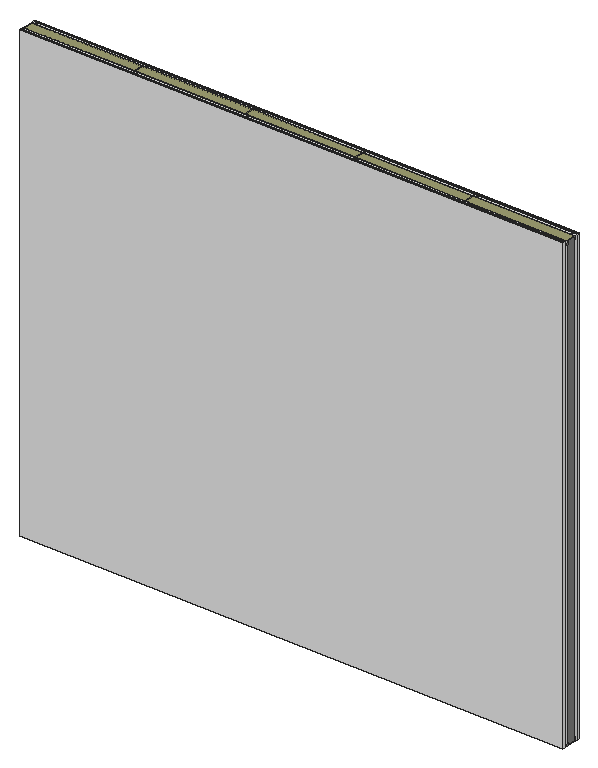
Revit family "Wall system Cementboard - Rigislab (STC 46_Uvalue 0.59)", category Structural Stiffeners, Revit 2020
Family settings
  OmniClass Number = 23.25.30.11.27
  OmniClass Title = Vibration and Earthquake Controls
  Cut with Voids When Loaded = No
  Shared = No
Parameters (values of type "STC 46(Cement board)")
  U-Value (W/m2k) = "0.59"
  U Value Report = ""
  Type of Insulation = "Glass Mineral Wool Semi-rigid slab"
  Total System Thickness-mm = 82 mm
  Thermal R Value = 1.4
  Thermal K Value = 0.348
  System Description = "1. Cementboard-9mm\r\n2. Ecowool Rigislab 50mm x 20kg/m3\r\n3. Stud 64mm \r\n4. Cementboard-9mm"
  Sustainability - Same documentation for all selection = ""
  SubW [instance] = roundup([built-in parameter 1001306] / 609 mm) * 609 mm  # 3045 mm
  SubL [instance] = if([built-in parameter 1001306] > 1218 mm, No Insulation * 609 mm, if([built-in parameter 1001306] > 609 mm, 609 mm, if([built-in parameter 1001306] > 0 mm, 0 mm, No Insulation * 609 mm))) + 1 mm  # 2437 mm
  STC in dB = 46
  STC Report = ""
  STC No = "46"
  Remarks = "Recommended for drywall partition applications where some acoustic performance\r\nare required. Such as office & commercial environment"
  No Metal Stud [instance] = ([built-in parameter 1001306] / [Metal Stud Spacer (mm)])  # 5
  No Insulation [instance] = roundup(SubW / 609 mm) - 1  # 4
  Metal Stud Width = 64 mm
  Metal Stud Spacer (mm) = 609 mm
  Material Specification = "Ecowool Brownie RigiSlab"
  Manufacturer = "PGF Insulation Sdn. Bhd."
  MSDS = ""
  built-in parameter 1001306 [instance] = 3000 mm
  Insulation Length (mm) = 609 mm
  Insulation Thickness (mm) = 55 mm
  Installation and Workmanship- Same for all the system = ""
  Height Wall (mm) = 2500 mm
  Handling and Storage- Same for all system = ""
  Gypsum Thickness (mm) = 9 mm
  Finish = BROWNIE RigiSlab
  FAQ- Same for all System = ""
  ECOWOOL Product thickness in mm = "50"
  Description = "Ecowool Rigislab is semi-rigid or rigid slabs of non-combustible, water repellent, glass mineral wool. They are designed to suit standard dry wall, ensuring a closed joint with adjacent slabs."
  Density = 20.00 kg/m³
  Board Material = Cement Board
  Board 2 = yes
  Board 1 = yes
  AutoCad Drawing = ""
Reference planes
  plane 1 "Center (Front/Back)": y = -12.5
  plane 2: z = 0
  plane 3 "Left": x = 0
  plane 4 "Right": x = 3000
  plane 5: z = 2500
  plane 6: x = 2437
  plane 7: x = 3046
Forms (mm)
  Extrusion 1, solid, material "BROWNIE RigiSlab" <- "Finish"
    sketch origin (0, 0, 0) x (1, 0, 0) y (0, 1, 0)
      loop
        line (2437, 15) -> (2437, -40) -> (3046, -40) -> (3046, 15) -> (2437, 15)
    from 0 to 2500
  Extrusion 2, void
    sketch origin (0, 0, 0) x (1, 0, 0) y (0, 1, 0)
      loop
        line (2999, 15) -> (2999, -40) -> (3046, -40) -> (3046, 15) -> (2999, 15)
    from -45.694 to 2779.923
Cuts and joins
  Extrusion 2 cuts Extrusion 1
Lines and regions (mm)
  reference lines
    curve 1: line (0, -12.5, 0) -> (3000, -12.5, 0)
Dimensions and locks
  "built-in parameter 1001306": plane 3 "Left" to plane 4 "Right"
  "Height Wall (mm)": plane 5 to level
  equal spacing: group 1, group 2, group 3, group 4, group 5  (x3)
  "Metal Stud Spacer (mm)": plane 3 "Left" to nested 3
  "SubL": plane 3 "Left" to plane 6
  locked: plane 6 to plane 7 at 609
  equal spacing: Extrusion 1 sketch curve, plane 1 "Center (Front/Back)", Extrusion 1 sketch curve
  "Insulation Thickness (mm)": Extrusion 1 sketch curve to Extrusion 1 sketch curve
  equal spacing: Extrusion 1, plane 1 "Center (Front/Back)", Extrusion 2 sketch curve
  "Insulation Thickness (mm)": Extrusion 2 sketch curve to Extrusion 2 sketch curve
  locked: Extrusion 2 sketch curve to plane 4 "Right" at 1
  plane 4 "Right" to plane 7 = 46 mm
  plane 6 to plane 4 "Right" = 563 mm
  equal spacing: group 6, group 7, group 8, group 9  (x3)
  equal spacing: Extrusion 2 sketch curve, Extrusion 2 sketch curve, nested 1
  aligned and locked: plane 4 "Right" to curve 1
  aligned and locked: plane 1 "Center (Front/Back)" to curve 1
  aligned and locked: plane 3 "Left" to curve 1
  aligned and locked: plane 3 "Left" to nested 1
  aligned and locked: plane 4 "Right" to nested 1
  aligned and locked: plane 5 to nested 2
  aligned and locked: plane 3 "Left" to nested 6
  aligned and locked: nested 8 to plane 4 "Right"
  aligned and locked: plane 1 "Center (Front/Back)" to nested 1
  aligned and locked: plane 1 "Center (Front/Back)" to nested 2
  aligned and locked: plane 1 "Center (Front/Back)" to nested 6
  aligned and locked: nested 8 to plane 1 "Center (Front/Back)"
  aligned and locked: nested 2 to nested 10
  aligned and locked: plane 1 "Center (Front/Back)" to nested 10
  aligned and locked: plane 7 to Extrusion 1 sketch curve
  aligned and locked: Extrusion 1 sketch curve to plane 6
  aligned and locked: plane 5 to Extrusion 1
  aligned and locked: Extrusion 1 to level
Automatic sketch dimensions
  Extrusion 2 sketch curve to plane 7 = 0 mm
Nested families
  nested 1: "Gypsum Plasterboard" at (0, -12.5, 0), type "Gypsum Plasterboard"
    with built-in parameter 1001306 3000 mm, Gypsum Thickness 9 mm
  nested 2: "Metal Stud" at (0, -12.5, 0), type "Metal Stud"
    with Metal Stud Width 64 mm
  nested 3: "Metal Stud" at (609, -12.5, 0), type "Metal Stud"
    with Metal Stud Width 64 mm
  nested 4: "Metal Stud" at (1218, -12.5, 0), type "Metal Stud"
    with Metal Stud Width 64 mm
  nested 5: "Metal Stud" at (1827, -12.5, 0), type "Metal Stud"
    with Metal Stud Width 64 mm
  nested 6: "Metal Runner" at (0, -12.5, 0), type "Metal Runner"
    with Metal Runner Width 55 mm, Length Metal Runner 3000 mm
  nested 7: "Metal Runner" at (0, -12.5, 2500) x (1, 0, 0) z (0, 0, -1), type "Metal Runner"
    with Metal Runner Width 55 mm, Length Metal Runner 3000 mm
  nested 8: "Metal Stud" at (3000, -12.5, 0) x (-1, 0, 0) z (0, 0, 1), type "Metal Stud"
    with Metal Stud Width 64 mm
  nested 9: "Metal Stud" at (2436, -12.5, 0), type "Metal Stud"
    with Metal Stud Width 64 mm
  nested 10: "Insulation Brownie" at (1, -12.5, 0), type "Insulation Brownie"
    with Thickness Insulation 55 mm
  nested 11: "Insulation Brownie" at (610, -12.5, 0), type "Insulation Brownie"
    with Thickness Insulation 55 mm
  nested 12: "Insulation Brownie" at (1219, -12.5, 0), type "Insulation Brownie"
    with Thickness Insulation 55 mm
  nested 13: "Insulation Brownie" at (1828, -12.5, 0), type "Insulation Brownie"
    with Thickness Insulation 55 mm
Definition of nested family "Gypsum Plasterboard"
  Parameters (values of type "Gypsum Plasterboard")
    Platerboard (inner Layer) = 16 mm
    Manufacturer = "Rockwool"
    built-in parameter 1001306 [instance] = 1200 mm
    Insulation Width = 55 mm
    Height Wall = 2500 mm
    Gypsum Thickness = 12.5 mm
    Description = "Double layers wall system - Rigislab 5020"
    Cement Board 2 = yes
    Cement Board 1 = yes
    Board Type = none
  Reference planes
    plane 1 "Center (Front/Back)": y = 0
    plane 2: z = 0
    plane 3 "Left": x = 0
    plane 4 "Right": x = 1200
    plane 5: y = 27.5
    plane 6: y = -27.5
    plane 7: z = 2500
  Forms (mm)
    Sweep 1, solid, material <- "Board Type", visible <- "Cement Board 1"
      path origin (0, 0, 0) x (1, 0, 0) y (0, -1, 0)
        loop
          line (0, 0) -> (1200, 0)
      profile origin (600, 0, 0) x (0, 1, 0) y (0, 0, 1)
        loop
          line (27.5, 2500) -> (27.5, 0) -> (43.5, 0) -> (43.5, 2500) -> (27.5, 2500)
    Sweep 2, solid, material <- "Board Type", visible <- "Cement Board 2"
      path origin (0, 16, 0) x (1, 0, 0) y (0, -1, 0)
        loop
          line (0, 0) -> (1200, 0)
      profile origin (600, 16, 0) x (0, 1, 0) y (0, 0, 1)
        loop
          line (27.5, 2500) -> (27.5, 0) -> (40, 0) -> (40, 2500) -> (27.5, 2500)
    Sweep 3, solid, material <- "Board Type", visible <- "Cement Board 1"
      path origin (0, 0, 0) x (1, 0, 0) y (0, 1, 0)
        loop
          line (0, 0) -> (1200, 0)
      profile origin (600, 0, 0) x (0, 1, 0) y (0, 0, 1)
        loop
          line (-27.5, 2500) -> (-43.5, 2500) -> (-43.5, 0) -> (-27.5, 0) -> (-27.5, 2500)
    Sweep 4, solid, material <- "Board Type", visible <- "Cement Board 2"
      path origin (0, -16, 0) x (1, 0, 0) y (0, 1, 0)
        loop
          line (0, 0) -> (1200, 0)
      profile origin (600, -16, 0) x (0, 1, 0) y (0, 0, 1)
        loop
          line (-27.5, 2500) -> (-40, 2500) -> (-40, 0) -> (-27.5, 0) -> (-27.5, 2500)
  Lines and regions (mm)
    reference lines
      curve 1: line (0, 0, 0) -> (1200, 0, 0)
  Dimensions and locks
    "built-in parameter 1001306": plane 3 "Left" to plane 4 "Right"
    "Insulation Width": plane 6 to plane 5
    "Height Wall": level to plane 7
    "built-in parameter 1001306": Sweep 1 sketch curve to Sweep 1 sketch curve
    "Platerboard (inner Layer)": Sweep 1 sketch curve to Sweep 1 sketch curve
    "built-in parameter 1001306": Sweep 2 sketch curve to Sweep 2 sketch curve
    "Gypsum Thickness": Sweep 2 sketch curve to Sweep 2 sketch curve
    equal spacing: plane 6, plane 1 "Center (Front/Back)", plane 5
    "built-in parameter 1001306": Sweep 3 sketch curve to Sweep 3 sketch curve
    "Platerboard (inner Layer)": Sweep 3 sketch curve to Sweep 3 sketch curve
    "built-in parameter 1001306": Sweep 4 sketch curve to Sweep 4 sketch curve
    "Gypsum Thickness": Sweep 4 sketch curve to Sweep 4 sketch curve
    aligned and locked: plane 4 "Right" to curve 1
    aligned and locked: plane 1 "Center (Front/Back)" to curve 1
    aligned and locked: plane 3 "Left" to curve 1
    aligned and locked: plane 5 to Sweep 1
    aligned and locked: Sweep 2 to Sweep 2
    aligned and locked: Sweep 1 sketch curve to plane 7
    aligned and locked: Sweep 2 sketch curve to plane 7
    aligned and locked: Sweep 2 to Sweep 1
    aligned and locked: Sweep 4 to Sweep 4
    aligned and locked: Sweep 3 to Sweep 4
  Automatic sketch dimensions
    plane 1 "Center (Front/Back)" to Sweep 1 sketch curve = 0 mm
    Sweep 1 sketch curve to plane 3 "Left" = 0 mm
    Sweep 1 sketch curve to level = 0 mm
    Sweep 1 sketch curve to profile plane = 27.5 mm
    Sweep 2 sketch curve to plane 3 "Left" = 0 mm
    Sweep 2 sketch curve to plane 5 = 11.5 mm
    Sweep 2 sketch curve to level = 0 mm
    Sweep 2 sketch curve to profile plane = 27.5 mm
    plane 1 "Center (Front/Back)" to Sweep 3 sketch curve = 0 mm
    Sweep 3 sketch curve to plane 3 "Left" = 0 mm
    Sweep 3 sketch curve to level = 0 mm
    profile plane to Sweep 3 sketch curve = 43.5 mm
    Sweep 3 sketch curve to Sweep 3 sketch curve = 2500 mm
    Sweep 4 sketch curve to plane 3 "Left" = 0 mm
    Sweep 4 sketch curve to plane 6 = 11.5 mm
    Sweep 4 sketch curve to level = 0 mm
    profile plane to Sweep 4 sketch curve = 40 mm
    level to Sweep 4 sketch curve = 2500 mm
Definition of nested family "Metal Stud"
  Parameters (values of type "Metal Stud")
    Metal Stud Width = 50 mm
    Height = 2500 mm
  Reference planes
    plane 1 "Center (Front/Back)": y = 0
    plane 2: z = 0
    plane 3 "Center (Left/Right)": x = 0
    plane 4 "Center L/S": y = 25
    plane 5 "Center L/T": y = -25
    plane 6: z = 1
    plane 7: z = 2500
    plane 8: z = 2499
  Forms (mm)
    Extrusion 1, solid
      sketch origin (0, 0, 0) x (1, 0, 0) y (0, 1, 0)
        loop
          line (0, 25) -> (0, -25) -> (20, -25) -> (20, -24) -> (1, -24) -> (1, 24) -> (20, 24) -> (20, 25) -> (0, 25)
      from 1 to 2499
  Dimensions and locks
    Extrusion 1 sketch curve to Extrusion 1 sketch curve = 1 mm  (x3)
    locked: plane 8 to plane 7 at 1
    plane 1 "Center (Front/Back)" to Extrusion 1 = 25 mm
    "Height": plane 7 to level
    "Metal Stud Width": plane 5 "Center L/T" to plane 4 "Center L/S"
    equal spacing: plane 5 "Center L/T", plane 1 "Center (Front/Back)", plane 4 "Center L/S"
    locked: plane 6 to plane 2 at 1
    aligned and locked: plane 4 "Center L/S" to Extrusion 1
    aligned and locked: plane 5 "Center L/T" to Extrusion 1
    aligned and locked: plane 3 "Center (Left/Right)" to Extrusion 1
    aligned and locked: Extrusion 1 to plane 6
    aligned and locked: plane 8 to Extrusion 1
  Automatic sketch dimensions
    Extrusion 1 sketch curve to plane 3 "Center (Left/Right)" = 0 mm
    plane 4 "Center L/S" to Extrusion 1 sketch curve = 0 mm
    plane 5 "Center L/T" to Extrusion 1 sketch curve = 0 mm
    Extrusion 1 sketch curve to Extrusion 1 sketch curve = 19 mm  (x2)
Definition of nested family "Metal Runner"
  Parameters (values of type "Metal Runner")
    Metal Runner Width = 48 mm
    Length Metal Runner = 2460 mm
    Default Elevation = 1219.2 mm
  Reference planes
    plane 1 "Center (Front/Back)": y = 0
    plane 2: z = 0
    plane 3 "Center (Left/Right)": x = 0
    plane 4 "Center L/S": y = 24
    plane 5 "Center L/T": y = -24
  Forms (mm)
    Extrusion 1, solid
      sketch origin (0, 0, 0) x (0, 1, 0) y (0, 0, 1)
        loop
          line (24, 0) -> (24, 20) -> (23, 20) -> (23, 1) -> (-23, 1) -> (-23, 20) -> (-24, 20) -> (-24, 0) -> (24, 0)
      from 0 to 2460
  Dimensions and locks
    "Metal Runner Width": plane 5 "Center L/T" to plane 4 "Center L/S"
    equal spacing: plane 5 "Center L/T", plane 1 "Center (Front/Back)", plane 4 "Center L/S"
    Extrusion 1 sketch curve to Extrusion 1 sketch curve = 1 mm  (x3)
    "Length Metal Runner": Extrusion 1 to Extrusion 1
    aligned and locked: plane 4 "Center L/S" to Extrusion 1 sketch curve
    aligned and locked: Extrusion 1 sketch curve to level
    aligned and locked: plane 5 "Center L/T" to Extrusion 1 sketch curve
  Automatic sketch dimensions
    Extrusion 1 sketch curve to Extrusion 1 sketch curve = 19 mm  (x2)
Definition of nested family "Insulation Brownie"
  Parameters (values of type "Insulation Brownie")
    Thickness Insulation = 75 mm
    Length of Insulation = 609 mm
    Height of Insulation = 2500 mm
    Finish = none
  Reference planes
    plane 1 "Center (Front/Back)": y = 0
    plane 2: z = 0
    plane 3 "Center (Left/Right)": x = 0
    plane 4: z = 2500
    plane 5: y = 37.5
    plane 6: y = -37.5
  Forms (mm)
    Sweep 1, solid, material <- "Finish"
      path origin (0, 0, 0) x (1, 0, 0) y (0, 1, 0)
        loop
          line (0, 0) -> (609, 0)
      profile origin (304.5, 0, 0) x (0, 1, 0) y (0, 0, 1)
        loop
          line (37.5, 2500) -> (-37.5, 2500) -> (-37.5, 0) -> (37.5, 0) -> (37.5, 2500)
  Dimensions and locks
    "Length of Insulation": Sweep 1 sketch curve to Sweep 1 sketch curve
    "Height of Insulation": plane 4 to level
    equal spacing: plane 5, plane 1 "Center (Front/Back)", plane 6
    "Thickness Insulation": plane 5 to plane 6
    aligned and locked: plane 3 "Center (Left/Right)" to Sweep 1 sketch curve
    aligned and locked: plane 5 to Sweep 1 sketch curve
    aligned and locked: Sweep 1 sketch curve to plane 6
  Automatic sketch dimensions
    plane 1 "Center (Front/Back)" to Sweep 1 sketch curve = 0 mm
    Sweep 1 sketch curve to level = 0 mm
    Sweep 1 sketch curve to plane 4 = 0 mm
